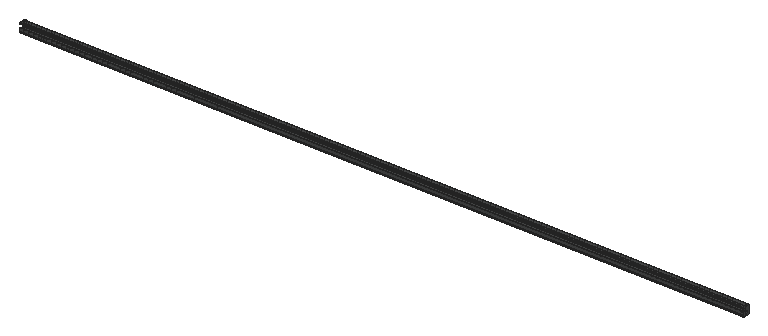
Revit family "AG_GM_AP2500", category Generic Models, Revit 2024
Family settings
  Can host rebar = No
  Round Connector Dimension = Use Diameter
  Part Type = Normal
  Work Plane-Based = No
  Always vertical = Yes
  Cut with Voids When Loaded = No
  Maintain Annotation Orientation = No
  Shared = No
  Room Calculation Point = No
Parameters (values of type "AP 2500")
  Weight (g) [instance] = 222 * (Length / 1000)  # 444 mm
  Wall mounting [instance] = "30mm, 50mm, 70mm, 90mm, 120mm, 140mm, 160mm, 190mm, 240mm"
  Operation [instance] = "Manual"
  Min. radius for bends [instance] = "100mm"
  Milling (free hand shape) [instance] = "Yes"
  Max. load (kg) [instance] = if(Length < 1001 mm, 7, if(Length < 2001 mm, 8.5, if(Length < 3001 mm, 10, if(Length < 4001 mm, 11.5, if(Length < 5001 mm, 13, 14.5)))))  # 8.5
  Max. Length (mm) [instance] = "5900"
  Length [instance] = 2000 mm
  Distance between brackets [instance] = "700mm"
  Dimensions [instance] = "14,2 x 26,0 mm"
  Default Elevation = 0 mm
  Ceiling mounting [instance] = "0mm"
  CO2 emissions (kg) [instance] = 2.42 * ([Weight (g)] / 1000)  # 1.074 mm
  Bending [instance] = "Yes"
  Base color for object [instance] = "RGB(2,4,3)"
Reference planes
  plane 1 "Center (Front/Back)": y = 0
  plane 2: z = 0
  plane 3 "Center (Left/Right)": x = 0
Forms (mm)
  Sweep 1, solid, material "Black"
    path origin (0, 0, 0) x (1, 0, 0) y (0, 1, 0)
      loop
        line (0, 0) -> (2000, 0)
    profile "AG_P_AP2500 : AG_P_AP2500" origin (1000, 0, 0) x (0, 1, 0) y (0, 0, 1)
      loop
        arc (-5.617, 0) -> (-6.678, -0.439) -> (-7.117, -1.5) r 1.5
        line (-7.117, -1.5) -> (-7.117, -3.311)
        arc (-7.117, -3.311) -> (-6.484, -3.835) -> (-5.922, -3.236) r 0.6
        line (-5.922, -3.236) -> (-5.922, -1.7)
        arc (-5.922, -1.7) -> (-5.775, -1.346) -> (-5.422, -1.2) r 0.5
        line (-5.422, -1.2) -> (5.383, -1.2)
        arc (5.383, -1.2) -> (5.736, -1.346) -> (5.883, -1.7) r 0.5
        line (5.883, -1.7) -> (5.883, -7.9) -> (1.183, -7.9) -> (1.183, -6.413)
        arc (1.183, -6.413) -> (0.583, -5.813) -> (-0.017, -6.413) r 0.6
        line (-0.017, -6.413) -> (-0.017, -10.587)
        arc (-0.017, -10.587) -> (0.583, -11.187) -> (1.183, -10.587) r 0.6
        line (1.183, -10.587) -> (1.183, -9.1) -> (5.883, -9.1) -> (5.883, -15.9) -> (-6.117, -15.9) -> (-6.117, -13.852)
        arc (-6.117, -13.852) -> (-6.617, -13.352) -> (-7.117, -13.852) r 0.5
        line (-7.117, -13.852) -> (-7.117, -24)
        arc (-7.117, -24) -> (-6.531, -25.414) -> (-5.117, -26) r 2
        line (-5.117, -26) -> (-3.499, -26)
        arc (-3.499, -26) -> (-3.084, -25.678) -> (-2.951, -25.169) r 0.816
        arc (-2.951, -25.169) -> (-3.671, -24.235) -> (-4.663, -24.873) r 0.872
        arc (-4.663, -24.873) -> (-5.67, -24.634) -> (-6.117, -23.7) r 1.2
        line (-6.117, -23.7) -> (-6.117, -17.1) -> (5.883, -17.1) -> (5.883, -23.7)
        arc (5.883, -23.7) -> (5.436, -24.634) -> (4.429, -24.873) r 1.2
        arc (4.429, -24.873) -> (3.437, -24.235) -> (2.717, -25.169) r 0.872
        arc (2.717, -25.169) -> (2.85, -25.678) -> (3.265, -26) r 0.816
        line (3.265, -26) -> (5.083, -26)
        arc (5.083, -26) -> (6.497, -25.414) -> (7.083, -24) r 2
        line (7.083, -24) -> (7.083, -1.466)
        arc (7.083, -1.466) -> (6.654, -0.429) -> (5.617, 0) r 1.466
        line (5.617, 0) -> (-5.617, 0)
Dimensions and locks
  "Length": plane 3 "Center (Left/Right)" to Sweep 1 sketch curve
  aligned and locked: level to plane 2
  aligned and locked: plane 1 "Center (Front/Back)" to Sweep 1 sketch curve
  aligned and locked: plane 3 "Center (Left/Right)" to Sweep 1 sketch curve
